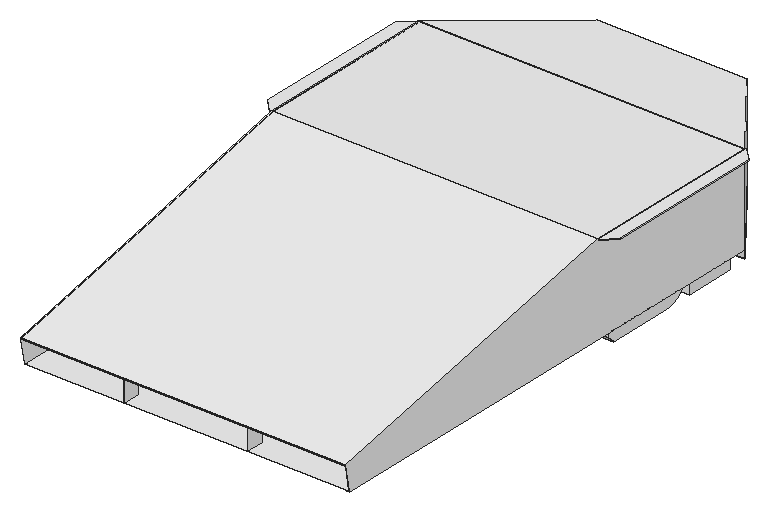
Revit family "HARMANN - INDUFLOW CPC", category Mechanical Equipment, Revit 2022
Family settings
  Round Connector Dimension = Use Diameter
  Part Type = Normal
  OmniClass Number = 23.75.00.00
  OmniClass Title = Climate Control (HVAC)
  Work Plane-Based = No
  Always vertical = No
  Cut with Voids When Loaded = No
  Maintain Annotation Orientation = No
  Shared = No
  Room Calculation Point = No
Parameters (values of type "INDUFLOW CPC 560 D4")
  h = 70.00 mm
  g = 181.00 mm
  f = 187.50 mm
  e = 15.00 mm
  d = 77.00 mm
  c = 814.00 mm
  b = 281.50 mm
  a = 164.50 mm
  Zasilanie natężenie maksymalne II bieg Imax = 5.2 A
  Zasilanie natężenie maksymalne I bieg Imax = 0 A
  Zasilanie napięcie nominalne Unom = 400 V  # constant formula
  Zasilanie Rodzaj Sterowania = "I bieg Y"
  Zasilanie Moc maksymalna II Pmax = 2692 W
  Zasilanie Moc maksymalna I Pmax = 0 W
  Zasilanie Częstotliwość Nominalna = 50 Hz  # constant formula
  Wyłącznik serwisowy = "AS"
  Temperatura maksymalna Tmax = 60 °C  # constant formula
  Siła ciągu II bieg F = 80.00 N
  Siła ciągu I bieg F = 0.00 N
  Powietrze Przepływ Maksymalny II Qmax = 7920 m³/h
  Powietrze Przepływ Maksymalny I Qmax = 0 m³/h
  Obroty maksymalne II bieg nmax = 1440.000 RPM
  Obroty maksymalne I bieg nmax = 0.000 RPM
  N1 = 3 mm
  Manufacturer = "Harmann Polska Sp. z o.o."  # constant formula
  Lookup Table Name = "INDUFLOW_CPC"
  Typ = "Jednobiegowy"
  K = size_lookup(Lookup Table Name, "K", 1.00 mm, N1)  # 1020.00 mm
  Ilość faz = 3  # constant formula
  H = size_lookup(Lookup Table Name, "H", 1.00 mm, N1)  # 15.00 mm
  G = size_lookup(Lookup Table Name, "G", 1.00 mm, N1)  # 285.00 mm
  Numer artykułu = size_lookup(Lookup Table Name, "Numer artykułu", "n/a", N1)  # "15769800"
  Model = "INDUFLOW CPC 560 D4"
  Masa = 73.00 kg
  F = size_lookup(Lookup Table Name, "F", 1.00 mm, N1)  # 271.00 mm
  Description = "Indukcyjny wentylator bytowy"  # constant formula
  Default Elevation = 0.00 mm
  E = size_lookup(Lookup Table Name, "E", 1.00 mm, N1)  # 1054.00 mm
  Ciśnienie akustyczne nominalne II bieg Lpa = "77.0 dB(A)"
  Ciśnienie akustyczne nominalne I bieg Lpa = "0.0 dB(A)"
  C = size_lookup(Lookup Table Name, "C", 1.00 mm, N1)  # 974.00 mm
  B = size_lookup(Lookup Table Name, "B", 1.00 mm, N1)  # 301.00 mm
  Autor = "https://www.archispace.com/"
  A = size_lookup(Lookup Table Name, "A", 1.00 mm, N1)  # 1753.00 mm
Types (5, lengths in mm): name | g | f | c | b | a | Zasilanie natężenie maksymalne II bieg Imax | Zasilanie natężenie maksymalne I bieg Imax | Zasilanie Rodzaj Sterowania | Zasilanie Moc maksymalna II Pmax | Zasilanie Moc maksymalna I Pmax | Siła ciągu II bieg F | Siła ciągu I bieg F | Powietrze Przepływ Maksymalny II Qmax | Powietrze Przepływ Maksymalny I Qmax | Obroty maksymalne II bieg nmax | Obroty maksymalne I bieg nmax | N1 | Typ | K | Numer artykułu | Model | Masa | F | E | Ciśnienie akustyczne nominalne II bieg Lpa | Ciśnienie akustyczne nominalne I bieg Lpa | C | B | A
  (no name) | 181.00 | 187.50 | 814.00 | 281.50 | 164.50 | 5.2 A | 0 A | "I bieg Y" | 2692 W | 0 W | 80.00 N | 0.00 N | 7920 m³/h | 0 m³/h | 1440.000 RPM | 0.000 RPM | 3 | "Jednobiegowy" | 1020.00 | "15769800" | "INDUFLOW CPC 560 D4" | 73.00 kg | 271.00 | 1054.00 | "77.0 dB(A)" | "0.0 dB(A)" | 974.00 | 301.00 | 1753.00
  INDUFLOW CPC 500 D4 | 163.00 | 163.00 | 714.00 | 228.50 | 110.00 | 0 A | 3.7 A | "I bieg Y" | 1891 W | 0 W | 51.00 N | 0.00 N | 6530 m³/h | 0 m³/h | 1450.000 RPM | 0.000 RPM | 1 | "Jednobiegowy" | 914.00 | "15957800" | "INDUFLOW CPC 500 D4" | 56.00 kg | 243.00 | 950.00 | "-" | "76.0 dB(A)" | 870.00 | 273.00 | 1446.00
  INDUFLOW CPC 500 D84 | 163.00 | 163.00 | 714.00 | 228.50 | 110.00 | 1.5 A | 4.5 A | "II biegi Y/YY" | 2094 W | 350 W | 50.00 N | 12.00 N | 6530 m³/h | 3300 m³/h | 1460.000 RPM | 700.000 RPM | 2 | "Dwubiegowy" | 914.00 | "15962200" | "INDUFLOW CPC 500 D84" | 56.00 kg | 243.00 | 950.00 | "76.0 dB(A)" | "61.0 dB(A)" | 870.00 | 273.00 | 1446.00
  INDUFLOW CPC 560 D4 | 181.00 | 187.50 | 814.00 | 281.50 | 164.50 | 5.2 A | 0 A | "I bieg Y" | 2692 W | 0 W | 80.00 N | 0.00 N | 7920 m³/h | 0 m³/h | 1440.000 RPM | 0.000 RPM | 3 | "Jednobiegowy" | 1020.00 | "15769800" | "INDUFLOW CPC 560 D4" | 73.00 kg | 271.00 | 1054.00 | "77.0 dB(A)" | "0.0 dB(A)" | 974.00 | 301.00 | 1753.00
  INDUFLOW CPC 560 D84 | 181.00 | 187.50 | 814.00 | 281.50 | 164.50 | 6 A | 2.3 A | "II biegi Y/YY" | 3060 W | 597 W | 81.00 N | 20.00 N | 7980 m³/h | 3990 m³/h | 1460.000 RPM | 1440.000 RPM | 4 | "Dwubiegowy" | 1020.00 | "15967200" | "INDUFLOW CPC 560 D84" | 71.00 kg | 271.00 | 1054.00 | "77.0 dB(A)" | "61.0 dB(A)" | 974.00 | 301.00 | 1753.00
Reference planes
  plane 1 "Center (Front/Back)": y = 0
  plane 2: z = 0
  plane 3 "Center (Left/Right)": x = 0
  plane 4: x = -510
  plane 5: x = 510
  plane 6: z = 301
  plane 7: y = -1753
  plane 8: z = 30
  plane 9: x = -487
  plane 10: x = 487
  plane 11: x = -484.5
  plane 12: x = 484.5
  plane 13: x = -164.5
  plane 14: x = 281.5
  plane 15: y = -264
  plane 16: y = -814
  plane 17: z = 107
  plane 18: y = -1738
  plane 19: x = -187.5
  plane 20: x = 181
  plane 21: z = 299
Forms (mm)
  Sweep 1, solid, material "HARMANN - Aluminium", detail levels medium+fine
    path origin (-123, 0, 0) x (1, 0, 0) y (0, 1, 0)
      loop
        line (-64.5, -1688) -> (-64.5, -1738)
    profile origin (-187.5, -1713, 0) x (1, 0, 0) y (0, 0, 1)
      loop
        line (1.25, 104.958) -> (-1.25, 104.958) -> (-1.25, 32) -> (1.25, 32) -> (1.25, 104.958)
  Sweep 2, solid, material "HARMANN - Aluminium", detail levels medium+fine
    path origin (389, 0, 0) x (1, 0, 0) y (0, 1, 0)
      loop
        line (-208, -1688) -> (-208, -1738)
    profile origin (181, -1713, 0) x (1, 0, 0) y (0, 0, 1)
      loop
        line (1.25, 104.958) -> (-1.25, 104.958) -> (-1.25, 32) -> (1.25, 32) -> (1.25, 104.958)
  Extrusion 3, solid, material "HARMANN - Aluminium", detail levels coarse
    sketch origin (0, 0, 0) x (0, -1, 0) y (0, 0, -1)
      loop
        line (0, -301) -> (814, -301) -> (1753, -107) -> (1753, 0) -> (0, 0) -> (0, -301)
    from -487 to 487
  Sweep 4, void
    path origin (0, 0, 0) x (0, 1, 0) y (0, 0, 1)
      loop
        line (0, 30) -> (0, 0)
    profile origin (0, 0, 15) x (1, 0, 0) y (0, 1, 0)
      loop
        line (-487, 0) -> (-487, -264) -> (-164.5, 0) -> (-487, 0)
      loop
        line (487, 0) -> (281.5, 0) -> (487, -264) -> (487, 0)
  Sweep 5, solid, material "HARMANN - Aluminium", detail levels medium+fine
    path origin (0, 0, 0) x (1, 0, 0) y (0, 1, 0)
      loop
        line (-487, -439) -> (487, -439)
    profile origin (0, -439, 0) x (0, 1, 0) y (0, 0, 1)
      loop
        line (-333.4, 30) -> (-333.4, 18) -> (-315.4, 0) -> (-118.99, 0)
        arc (-118.99, 0) -> (-84.349, 7.889) -> (-56.54, 30) r 80
        line (-56.54, 30) -> (-333.4, 30)
      loop
        line (418.7, 0) -> (436.7, 18) -> (436.7, 30) -> (146.34, 30)
        arc (146.34, 30) -> (174.149, 7.889) -> (208.79, 0) r 80
        line (208.79, 0) -> (418.7, 0)
      loop
        line (121.238, 0) -> (121.238, 30) -> (-31.438, 30) -> (-31.438, 0) -> (121.238, 0)
  Extrusion 6, solid, material "HARMANN - Aluminium", detail levels medium+fine
    sketch origin (0, 381.858, 30) x (-1, 0, 0) y (0, 1, 0)
      loop
        line (-487, -645.858) -> (487, -645.858) -> (164.5, -381.858) -> (-281.5, -381.858) -> (-487, -645.858)
    from -271 to 0
  Sweep 7, solid, material "HARMANN - Aluminium", detail levels medium+fine
    path origin (0, 381.858, 30) x (-1, 0, 0) y (0, -1, 0)
      loop
        line (-484.5, 645.858) -> (484.5, 645.858)
    profile origin (0, -264, 30) x (0, -1, 0) y (0, 0, 1)
      loop
        line (0, 271) -> (0, 0) -> (1474, 0) -> (1474, 2) -> (2, 2) -> (2, 269) -> (549.796, 269) -> (1489, 74.958) -> (1489, 77) -> (550, 271) -> (0, 271)
  Sweep 8, solid, material "HARMANN - Aluminium", detail levels medium+fine
    path origin (0, 381.858, 30) x (-1, 0, 0) y (0, -1, 0)
      loop
        line (484.5, 645.858) -> (487, 645.858)
    profile origin (-485.75, -264, 30) x (0, -1, 0) y (0, 0, 1)
      loop
        line (0, 271) -> (0, 0) -> (1474, 0) -> (1489, 77) -> (550, 271) -> (0, 271)
  Sweep 9, solid, material "HARMANN - Aluminium", detail levels medium+fine
    path origin (0, 381.858, 30) x (-1, 0, 0) y (0, -1, 0)
      loop
        line (-487, 645.858) -> (-484.5, 645.858)
    profile origin (485.75, -264, 30) x (0, -1, 0) y (0, 0, 1)
      loop
        line (0, 271) -> (0, 0) -> (1474, 0) -> (1489, 77) -> (550, 271) -> (0, 271)
  Sweep 10, solid, material "HARMANN - Aluminium", detail levels medium+fine
    path origin (0, 0, 0) x (1, 0, 0) y (0, 0, 1)
      loop
        line (-487, 301) -> (-487, 299)
    profile origin (-487, 0, 300) x (0, -1, 0) y (1, 0, 0)
      loop
        line (264, 0) -> (264, -4) -> (300, -40) -> (778, -40) -> (814, -4) -> (814, 0) -> (264, 0)
  Sweep 11, solid, material "HARMANN - Aluminium", detail levels medium+fine
    path origin (0, 0, 0) x (-1, 0, 0) y (0, 0, -1)
      loop
        line (-487, -301) -> (-487, -299)
    profile origin (487, 0, 300) x (0, -1, 0) y (1, 0, 0)
      loop
        line (264, 0) -> (814, 0) -> (814, 4) -> (778, 40) -> (300, 40) -> (264, 4) -> (264, 0)
  Sweep 12, solid, material "HARMANN - Aluminium", detail levels medium+fine
    path in 3D
      loop
        line (-227.161, -51.294, 301) -> (-303.041, -113.411, 301)
    profile origin (-265.101, -82.352, 301) x (0.633434, -0.773797, 0) y (0, 0, 1)
      loop
        line (0, -70) -> (-70, -70) -> (-70, -231) -> (0, -231) -> (0, -70)
Cuts and joins
  Sweep 4 cuts Sweep 5
  joined: Sweep 7, Sweep 8, Sweep 9
Lines and regions (mm)
  sketch lines
    curve 1: line (-227.161, -51.294, 301) -> (-303.041, -113.411, 301)
Dimensions and locks
  locked: plane 12 to plane 10 at 2.5
  locked: plane 9 to plane 11 at 2.5
  "A": plane 7 to plane 1 "Center (Front/Back)"
  "K": plane 4 to plane 5
  equal spacing: plane 4, plane 3 "Center (Left/Right)", plane 5
  locked: Sweep 1 sketch curve to plane 18 at 50
  equal spacing: plane 9, plane 3 "Center (Left/Right)", plane 10
  "C": plane 9 to plane 10
  locked: plane 8 to level at 30
  "F": plane 8 to plane 6
  plane 15 to plane 1 "Center (Front/Back)" = 264.00 mm
  "a": plane 13 to plane 3 "Center (Left/Right)"
  "b": plane 3 "Center (Left/Right)" to plane 14
  "c": plane 16 to plane 1 "Center (Front/Back)"
  "c": plane 1 "Center (Front/Back)" to plane 16
  "d": plane 8 to plane 17
  locked: plane 18 to plane 7 at 15
  locked: plane 15 to Sweep 7 sketch curve at 2
  locked: plane 8 to Sweep 7 sketch curve at 2
  locked: Sweep 7 sketch curve to Sweep 7 sketch curve at 2
  "f": plane 19 to plane 3 "Center (Left/Right)"
  locked: plane 18 to Sweep 2 sketch curve at 50
  "g": plane 3 "Center (Left/Right)" to plane 20
  locked: plane 6 to plane 21 at 2
  locked: Sweep 10 sketch curve to plane 9 at 40
  locked: Sweep 10 sketch curve to plane 15 at 36
  locked: Sweep 10 sketch curve to plane 16 at 36
  locked: Sweep 10 sketch curve to plane 9 at 4  (x2)
  locked: plane 10 to Sweep 11 sketch curve at 40
  plane 10 to Sweep 11 sketch curve = 40.00 mm
  locked: Sweep 11 sketch curve to plane 15 at 36
  locked: Sweep 11 sketch curve to plane 16 at 36
  aligned and locked: level to plane 2
  aligned and locked: Extrusion 3 sketch curve to plane 1 "Center (Front/Back)"
  aligned and locked: plane 1 "Center (Front/Back)" to Sweep 4 sketch curve  (x3)
  aligned and locked: level to Sweep 4 sketch curve
  aligned and locked: plane 9 to Sweep 4 sketch curve
  aligned and locked: plane 13 to Sweep 4 sketch curve
  aligned and locked: plane 15 to Sweep 4 sketch curve  (x2)
  aligned and locked: plane 10 to Sweep 4 sketch curve
  aligned and locked: plane 14 to Sweep 4 sketch curve
  aligned and locked: level to Sweep 5 sketch curve
  aligned and locked: plane 15 to Extrusion 6 sketch curve
  aligned and locked: plane 1 "Center (Front/Back)" to Extrusion 6 sketch curve
  aligned and locked: plane 13 to Extrusion 6 sketch curve
  aligned and locked: plane 14 to Extrusion 6 sketch curve
  aligned and locked: plane 10 to Extrusion 6 sketch curve
  aligned and locked: plane 9 to Extrusion 6 sketch curve
  aligned and locked: plane 6 to Extrusion 6
  aligned and locked: plane 8 to Extrusion 6
  aligned and locked: plane 8 to Sweep 4 sketch curve
  aligned and locked: Extrusion 3 sketch curve to plane 6
  aligned and locked: plane 7 to Extrusion 3 sketch curve
  aligned and locked: plane 15 to Sweep 7 sketch curve  (x2)
  aligned and locked: Sweep 7 sketch curve to plane 6
  aligned and locked: Sweep 7 sketch curve to plane 8
  aligned and locked: Sweep 7 sketch curve to plane 7
  aligned and locked: plane 16 to Sweep 7 sketch curve
  aligned and locked: plane 17 to Sweep 7 sketch curve
  aligned and locked: Sweep 7 sketch curve to plane 18
  aligned and locked: plane 11 to Sweep 7 sketch curve
  aligned and locked: plane 12 to Sweep 7 sketch curve
  aligned and locked: plane 9 to Sweep 8 sketch curve
  aligned and locked: plane 11 to Sweep 8 sketch curve
  aligned and locked: plane 15 to Sweep 8 sketch curve
  aligned and locked: Sweep 8 sketch curve to plane 6
  aligned and locked: Sweep 8 sketch curve to plane 8
  aligned and locked: plane 18 to Sweep 8 sketch curve
  aligned and locked: plane 17 to Sweep 8 sketch curve
  aligned and locked: plane 7 to Sweep 8 sketch curve
  aligned and locked: plane 16 to Sweep 8 sketch curve
  aligned and locked: plane 10 to Sweep 9 sketch curve
  aligned and locked: plane 12 to Sweep 9 sketch curve
  aligned and locked: plane 18 to Sweep 9 sketch curve
  aligned and locked: plane 8 to Sweep 9 sketch curve
  aligned and locked: Sweep 9 sketch curve to plane 15
  aligned and locked: plane 6 to Sweep 9 sketch curve
  aligned and locked: plane 16 to Sweep 9 sketch curve
  aligned and locked: plane 17 to Sweep 9 sketch curve
  aligned and locked: plane 7 to Sweep 9 sketch curve
  aligned and locked: Extrusion 3 to plane 9
  aligned and locked: Extrusion 3 to plane 10
  aligned and locked: plane 16 to Extrusion 3 sketch curve
  aligned and locked: plane 17 to Extrusion 3 sketch curve
  aligned and locked: Sweep 1 sketch curve to plane 19
  aligned and locked: plane 18 to Sweep 1 sketch curve
  aligned and locked: plane 18 to Sweep 2 sketch curve
  aligned and locked: Sweep 2 sketch curve to plane 20
  aligned and locked: plane 21 to Sweep 7 sketch curve
  aligned and locked: Sweep 10 sketch curve to plane 9
  aligned and locked: plane 6 to Sweep 10 sketch curve
  aligned and locked: plane 21 to Sweep 10 sketch curve
  aligned and locked: plane 16 to Sweep 10 sketch curve
  aligned and locked: Sweep 11 sketch curve to plane 10  (x2)
  aligned and locked: plane 6 to Sweep 11 sketch curve
  aligned and locked: plane 21 to Sweep 11 sketch curve
  aligned and locked: plane 16 to Sweep 11 sketch curve
  aligned and locked: plane 15 to Sweep 11 sketch curve
Automatic sketch dimensions
  profile plane to Sweep 1 sketch curve = 1.25 mm
  Sweep 1 sketch curve to profile plane = 1.25 mm
  plane 2 to Sweep 1 sketch curve = 32.00 mm
  Sweep 1 sketch curve to Sweep 1 sketch curve = 72.958 mm
  profile plane to Sweep 2 sketch curve = 1.25 mm
  Sweep 2 sketch curve to profile plane = 1.25 mm
  plane 2 to Sweep 2 sketch curve = 32.00 mm
  Sweep 2 sketch curve to Sweep 2 sketch curve = 72.958 mm
  Extrusion 3 sketch curve to level = 0.00 mm
  Sweep 5 sketch curve to plane 9 = 0.00 mm
  Sweep 5 sketch curve to plane 10 = 0.00 mm
  plane 15 to Sweep 5 sketch curve = 175.00 mm
  Sweep 5 sketch curve to plane 2 = 0.00 mm  (x2)
  plane 2 to Sweep 5 sketch curve = 30.00 mm  (x2)
  profile plane to Sweep 5 sketch curve = 333.40 mm
  Sweep 5 sketch curve to Sweep 5 sketch curve = 18.00 mm  (x2)
  profile plane to Sweep 5 sketch curve = 118.99 mm
  profile plane to Sweep 5 sketch curve = 56.54 mm
  Sweep 5 sketch curve to Sweep 5 sketch curve = 25.102 mm  (x2)
  Sweep 5 sketch curve to profile plane = 121.238 mm
  Sweep 5 sketch curve to Sweep 5 sketch curve = 62.45 mm
  Sweep 5 sketch curve to Sweep 5 sketch curve = 209.91 mm
  Sweep 5 sketch curve to Sweep 5 sketch curve = 12.00 mm  (x2)
  plane 2 to Sweep 5 sketch curve = 18.00 mm
  plane 15 to Sweep 8 sketch curve = 0.00 mm
  plane 15 to Sweep 9 sketch curve = 0.00 mm
  Sweep 10 sketch curve to profile plane = 0.00 mm
  Sweep 10 sketch curve to Sweep 10 sketch curve = 36.00 mm
  Sweep 11 sketch curve to profile plane = 4.00 mm  (x2)
  Sweep 12 sketch curve to profile plane = 0.00 mm
  profile plane to Sweep 12 sketch curve = 70.00 mm
  Sweep 12 sketch curve to profile plane = 70.00 mm
  Sweep 12 sketch curve to Sweep 12 sketch curve = 161.00 mm
Connectors
  electrical at (-309.441, -28.187, 150.5), driven by "Ilość faz", driven by "Zasilanie napięcie nominalne Unom", driven by "Zasilanie Moc maksymalna I Pmax", driven by "Zasilanie Moc maksymalna II Pmax"
    settings: on Sweep 12, index 1, voltage 400 V, apparent load 0 VA, apparent load phase1 0 VA, apparent load phase2 2692 VA, apparent load phase3 0 VA, power factor 1, load classification "Other", number of poles 3, system type 31, power factor state 1, is connector primary yes, connector utility no, sub classification motor no, connector description ""
